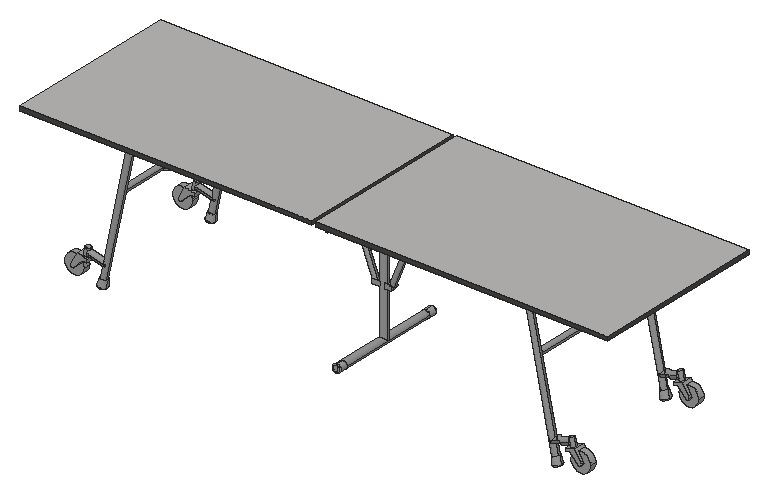
Revit family "23M Rect. 10 Long x 30 High WC", category Furniture, Revit 2016
Family settings
  OmniClass Number = 23.40.20.00
  OmniClass Title = General Furniture and Specialties
  Work Plane-Based = No
  Always vertical = Yes
  Cut with Voids When Loaded = No
  Shared = No
  Room Calculation Point = No
Parameters (values of type "23M15303610")
  Width = 3' - 0"
  Top [instance] = Palmer Hamilton Lt Gry
  Open [instance] = yes
  Model = "23M15303610"
  Length = 5' - 0"
  Frame [instance] = Palmer Hamilton - Frame
  Edge [instance] = Palmer Hamilton - Edge
  Closed [instance] = not(Open)  # no
Reference planes (in)
  plane 1 "Center Front/Back": y = 0
  plane 2: z = 0
  plane 3 "Center Left/Right": x = 0
Forms (in)
  Extrusion 1, solid, visible <- "Open"
    sketch origin (0, 0, 0) x (1, 0, 0) y (0, 1, 0)
      loop
        line (-60, 18) -> (-60, -18) -> (-0.375, -18) -> (-0.375, 18) -> (-60, 18)
    from 29.47242 to 30.28742
  Extrusion 2, solid, material "Palmer Hamilton - Frame" <- "Frame", visible <- "Open"
    sketch origin (0, 0, 0) x (1, 0, 0) y (0, 1, 0)
      loop
        line (-1, 14.5647) -> (-46, 14.5647) -> (-46, 14.4397) -> (-1, 14.4397) -> (-1, 14.5647)
      loop
        line (-1, -14.5647) -> (-1, -14.4397) -> (-46, -14.4397) -> (-46, -14.5647) -> (-1, -14.5647)
      loop
        line (-1, -2.9406) -> (-1, -2.8156) -> (-11.25, -2.8156) -> (-11.25, -2.9406) -> (-1, -2.9406)
      loop
        line (-11.25, 2.6994) -> (-11.25, 2.5744) -> (-1, 2.5744) -> (-1, 2.6994) -> (-11.25, 2.6994)
    from 27.72242 to 29.47242
  Extrusion 3, solid, material "Palmer Hamilton - Frame" <- "Frame", visible <- "Open"
    sketch origin (0, 0, 3.05459) x (1, 0, 0) y (0, 0, 1)
      loop
        line (-1, 25.71687) -> (-1, 26.41783) -> (-2.2141, 26.41783) -> (-2.2141, 24.66783) -> (-1.68301, 24.66783) -> (-0.3125, 23.87657)
        arc (-0.3125, 23.87657) -> (0.54127, 24.10533) -> (0.3125, 24.9591) r 0.625
        line (0.3125, 24.9591) -> (-1, 25.71687)
    from 14.5647 to 14.6547
  Extrusion 4, solid, material "Palmer Hamilton - Frame" <- "Frame", visible <- "Open"
    sketch origin (0, 0, 3.05459) x (1, 0, 0) y (0, 0, 1)
      loop
        line (-1, 25.71687) -> (-1, 26.41783) -> (-2.2141, 26.41783) -> (-2.2141, 24.66783) -> (-1.68301, 24.66783) -> (-0.3125, 23.87657)
        arc (-0.3125, 23.87657) -> (0.54127, 24.10533) -> (0.3125, 24.9591) r 0.625
        line (0.3125, 24.9591) -> (-1, 25.71687)
    from -14.4397 to -14.2345
  Extrusion 5, solid, material "Palmer Hamilton - Frame" <- "Frame", visible <- "Open"
    sketch origin (-9.0168, -1.84334, -4.2038) x (0.97817, 0, -0.207805) y (0, 1, 0)
      loop
        circle (-37.61218, -11.99504) r 0.625
    from -1.72176 to 25.54283
  Extrusion 6, solid, material "Palmer Hamilton - Frame" <- "Frame", visible <- "Open"
    sketch origin (-14.19545, -1.84334, -7.59113) x (0.96853, 0, -0.248899) y (0, 1, 0)
      loop
        circle (-37.61218, -11.99504) r 0.5
    from 3.24005 to 4.80312
  Extrusion 7, solid, material "Palmer Hamilton - Frame" <- "Frame", visible <- "Open"
    sketch origin (-6.74072, -1.84334, -8.39066) x (0, 1, 0) y (0.248899, 0, 0.96853)
      loop
        circle (-11.99504, 2.93123) r 0.625
    from -44.60154 to -40.85154
  Extrusion 8, solid, material "Palmer Hamilton - Steel", visible <- "Open"
    sketch origin (0, 0, 0) x (1, 0, 0) y (0, 0, 1)
      loop
        line (-52.03289, 3.19045) -> (-52.13109, 2.60323)
        arc (-52.13109, 2.60323) -> (-52.09644, 2.45601) -> (-51.96719, 2.37748) r 0.19565
        line (-51.96719, 2.37748) -> (-51.66391, 2.3319) -> (-49.7575, 4.11073) -> (-49.03037, 4.04579) -> (-48.86921, 4.64752) -> (-50.88816, 5.18826) -> (-52.03289, 3.19045)
    from 12.75797 to 14.81873
  Extrusion 9, solid, material "Palmer Hamilton - Caster", visible <- "Open"
    sketch origin (0, 0, 0) x (1, 0, 0) y (0, 0, 1)
      loop
        circle (-51.73769, 2.82768) r 2
    from 13.19373 to 14.44373
  Revolve 10, solid, material "Palmer Hamilton - Caster", visible <- "Open"
    sketch origin (-0.62394, -13.81873, 0.10396) x (1, 0, 0) y (0, 0, 1)
      loop
        line (-45.5482, 1.78014) -> (-46.23778, 1.92672) -> (-46.75081, 0.51718)
        arc (-46.75081, 0.51718) -> (-46.74816, 0.39542) -> (-46.66395, 0.30744) r 0.16803
        line (-46.66395, 0.30744) -> (-45.89593, 0.14419) -> (-45.5482, 1.78014)
      axis (-45.5482, 1.78014) -> (-45.89593, 0.14419)
    angle from 0 to 360
  Extrusion 11, solid, material "Palmer Hamilton - Frame" <- "Frame", visible <- "Open"
    sketch origin (-9.0168, 1.84334, -4.2038) x (0.97817, 0, -0.207805) y (0, 1, 0)
      loop
        circle (-37.61218, 11.99504) r 0.625
    from -1.75067 to 25.54283
  Extrusion 12, solid, material "Palmer Hamilton - Frame" <- "Frame", visible <- "Open"
    sketch origin (-14.19545, 1.84334, -7.59113) x (0.96853, 0, -0.248899) y (0, 1, 0)
      loop
        circle (-37.61218, 11.99504) r 0.5
    from 3.24005 to 4.80312
  Extrusion 13, solid, material "Palmer Hamilton - Frame" <- "Frame", visible <- "Open"
    sketch origin (-6.74072, 1.84334, -8.39066) x (0, -1, 0) y (-0.248899, 0, -0.96853)
      loop
        circle (-11.99504, -2.93123) r 0.625
    from -44.60154 to -40.56576
  Extrusion 14, solid, material "Palmer Hamilton - Steel", visible <- "Open"
    sketch origin (0, 0, 0) x (1, 0, 0) y (0, 0, -1)
      loop
        line (-52.03289, -3.19045) -> (-50.88816, -5.18826) -> (-48.86921, -4.64752) -> (-49.03037, -4.04579) -> (-49.7575, -4.11073) -> (-51.66391, -2.3319) -> (-51.96719, -2.37748)
        arc (-51.96719, -2.37748) -> (-52.09644, -2.45601) -> (-52.13109, -2.60323) r 0.19565
        line (-52.13109, -2.60323) -> (-52.03289, -3.19045)
    from 12.75797 to 14.81873
  Extrusion 15, solid, material "Palmer Hamilton - Caster", visible <- "Open"
    sketch origin (0, 0, 0) x (1, 0, 0) y (0, 0, -1)
      loop
        circle (-51.73769, -2.82768) r 2
    from 13.19373 to 14.44373
  Revolve 16, solid, material "Palmer Hamilton - Caster", visible <- "Open"
    sketch origin (-0.62394, 13.81873, 0.10396) x (1, 0, 0) y (0, 0, -1)
      loop
        line (-45.5482, -1.78014) -> (-45.89593, -0.14419) -> (-46.66395, -0.30744)
        arc (-46.66395, -0.30744) -> (-46.74816, -0.39542) -> (-46.75081, -0.51718) r 0.16803
        line (-46.75081, -0.51718) -> (-46.23778, -1.92672) -> (-45.5482, -1.78014)
      axis (-45.5482, -1.78014) -> (-45.89593, -0.14419)
    angle from 0 to 360
  Extrusion 17, solid, material "Palmer Hamilton - Frame" <- "Frame", visible <- "Open"
    sketch origin (0, 0, 3.05459) x (1, 0, 0) y (0, 0, 1)
      loop
        circle (-42.48052, 16.22033) r 0.625
    from -13.80887 to 13.79175
  Extrusion 18, solid, material "Palmer Hamilton - Frame" <- "Frame", visible <- "Open"
    sketch origin (0, 0, -0.05827) x (1, 0, 0) y (0, 0, 1)
      loop
        circle (0, 0.81533) r 0.75
    from -10.64625 to 10.58375
  Revolve 19, solid, material "Palmer Hamilton - Caster", visible <- "Open"
    sketch origin (0, 0, 0) x (0, 1, 0) y (0, 0, 1)
      loop
        arc (-12.1243, 1.60492) -> (-12.21555, 1.56995) -> (-12.25375, 1.48) r 0.125
        line (-12.25375, 1.48) -> (-12.25375, 0.77853) -> (-10.58375, 0.77853) -> (-10.58375, 1.55) -> (-12.1243, 1.60492)
      axis (-10.58375, 0.77853) -> (-12.25375, 0.77853)
    angle from 0 to 360
  Revolve 20, solid, material "Palmer Hamilton - Caster", visible <- "Open"
    sketch origin (0, 0, 0) x (0, -1, 0) y (0, 0, 1)
      loop
        arc (-12.1243, 1.60492) -> (-12.21555, 1.56995) -> (-12.25375, 1.48) r 0.125
        line (-12.25375, 1.48) -> (-12.25375, 0.77853) -> (-10.58375, 0.77853) -> (-10.58375, 1.55) -> (-12.1243, 1.60492)
      axis (-10.58375, 0.77853) -> (-12.25375, 0.77853)
    angle from 0 to 360
  Extrusion 21, solid, material "Palmer Hamilton - Frame" <- "Frame", visible <- "Open"
    sketch origin (0, 0, 0) x (1, 0, 0) y (0, 1, 0)
      loop
        circle (0, 0) r 0.75
    from 0.78805 to 28.64932
  Extrusion 22, solid, material "Palmer Hamilton - Frame" <- "Frame", visible <- "Open"
    sketch origin (8.36945, 0, 7.77401) x (0.931065, 0, 0.364854) y (0, 1, 0)
      loop
        circle (-8.10904, 0) r 0.5
    from 6.40638 to 25.54283
  Extrusion 23, solid, material "Palmer Hamilton - Frame" <- "Frame", visible <- "Open"
    sketch origin (0, 0, 3.05459) x (1, 0, 0) y (0, 0, 1)
      loop
        arc (-1.632, 8.5165) -> (-2.132, 8.0165) -> (-1.632, 7.5165) r 0.5
        line (-1.632, 7.5165) -> (1.632, 7.5165)
        arc (1.632, 7.5165) -> (2.132, 8.0165) -> (1.632, 8.5165) r 0.5
        line (1.632, 8.5165) -> (-1.632, 8.5165)
    from -0.69625 to 0.63375
  Extrusion 24, solid, material "Palmer Hamilton - Frame" <- "Frame", visible <- "Open"
    sketch origin (0, 0, 3.05459) x (1, 0, 0) y (0, 0, 1)
      loop
        arc (-40.07379, 16.44822) -> (-39.75284, 17.07829) -> (-40.38291, 17.39924) r 0.5
        line (-40.38291, 17.39924) -> (-42.23788, 16.7963) -> (-41.9787, 15.82905) -> (-40.07379, 16.44822)
    from 2.89343 to 4.17468
  Sweep 25, solid, material "Palmer Hamilton - Frame" <- "Frame", visible <- "Open"
    path origin (0, -3.5, 3.05459) x (1, 0, 0) y (0, 0, 1)
      loop
        line (-40.62585, 16.75973) -> (-30.42494, 20.96849)
        arc (-30.42494, 20.96849) -> (-30.05317, 21.09411) -> (-29.66819, 21.17014) r 3
        line (-29.66819, 21.17014) -> (-1.24287, 24.87225)
    profile origin (-35.52539, -3.5, 21.9187) x (-0.3814, 0, 0.92441) y (0, -1, 0)
      loop
        circle (0.00202, 0) r 0.5
  Extrusion 26, solid, material "Palmer Hamilton - Frame" <- "Frame", visible <- "Open"
    sketch origin (0, 0, 0) x (-1, 0, 0) y (0, -1, 0)
      loop
        circle (0, 0) r 0.75
    from 0.78805 to 28.64932
  Extrusion 27, solid, visible <- "Closed"
    sketch origin (26.77056, 0, 62.5034) x (0.235142, 0, 0.971961) y (0, 1, 0)
      loop
        line (-60, 18) -> (-60, -18) -> (-0.375, -18) -> (-0.375, 18) -> (-60, 18)
    from 29.47242 to 30.28742
  Extrusion 28, solid, material "Palmer Hamilton - Frame" <- "Frame", visible <- "Closed"
    sketch origin (26.77056, 0, 62.5034) x (0.235142, 0, 0.971961) y (0, 1, 0)
      loop
        line (-1, 14.5647) -> (-46, 14.5647) -> (-46, 14.4397) -> (-1, 14.4397) -> (-1, 14.5647)
      loop
        line (-1, -14.5647) -> (-1, -14.4397) -> (-46, -14.4397) -> (-46, -14.5647) -> (-1, -14.5647)
      loop
        line (-1, -2.9406) -> (-1, -2.8156) -> (-11.25, -2.8156) -> (-11.25, -2.9406) -> (-1, -2.9406)
      loop
        line (-11.25, 2.6994) -> (-11.25, 2.5744) -> (-1, 2.5744) -> (-1, 2.6994) -> (-11.25, 2.6994)
    from 27.72242 to 29.47242
  Extrusion 29, solid, material "Palmer Hamilton - Frame" <- "Frame", visible <- "Closed"
    sketch origin (23.80162, 0, 63.22166) x (0.235142, 0, 0.971961) y (-0.971961, 0, 0.235142)
      loop
        line (-1, 25.71687) -> (-1, 26.41783) -> (-2.2141, 26.41783) -> (-2.2141, 24.66783) -> (-1.68301, 24.66783) -> (-0.3125, 23.87657)
        arc (-0.3125, 23.87657) -> (0.54127, 24.10533) -> (0.3125, 24.9591) r 0.625
        line (0.3125, 24.9591) -> (-1, 25.71687)
    from 14.5647 to 14.6547
  Extrusion 30, solid, material "Palmer Hamilton - Frame" <- "Frame", visible <- "Closed"
    sketch origin (23.80162, 0, 63.22166) x (0.235142, 0, 0.971961) y (-0.971961, 0, 0.235142)
      loop
        line (-1, 25.71687) -> (-1, 26.41783) -> (-2.2141, 26.41783) -> (-2.2141, 24.66783) -> (-1.68301, 24.66783) -> (-0.3125, 23.87657)
        arc (-0.3125, 23.87657) -> (0.54127, 24.10533) -> (0.3125, 24.9591) r 0.625
        line (0.3125, 24.9591) -> (-1, 25.71687)
    from -14.4397 to -14.2345
  Extrusion 31, solid, material "Palmer Hamilton - Frame" <- "Frame", visible <- "Closed"
    sketch origin (0, 0, 30.0051) x (1, 0, 0) y (0, 0, 1)
      loop
        circle (0, 0.81533) r 0.75
    from -10.64625 to 10.58375
  Revolve 32, solid, material "Palmer Hamilton - Caster", visible <- "Closed"
    sketch origin (0, 0, 30.06337) x (0, 1, 0) y (0, 0, 1)
      loop
        arc (-12.1243, 1.60492) -> (-12.21555, 1.56995) -> (-12.25375, 1.48) r 0.125
        line (-12.25375, 1.48) -> (-12.25375, 0.77853) -> (-10.58375, 0.77853) -> (-10.58375, 1.55) -> (-12.1243, 1.60492)
      axis (-10.58375, 0.77853) -> (-12.25375, 0.77853)
    angle from 0 to 360
  Revolve 33, solid, material "Palmer Hamilton - Caster", visible <- "Closed"
    sketch origin (0, 0, 30.06337) x (0, -1, 0) y (0, 0, 1)
      loop
        arc (-12.1243, 1.60492) -> (-12.21555, 1.56995) -> (-12.25375, 1.48) r 0.125
        line (-12.25375, 1.48) -> (-12.25375, 0.77853) -> (-10.58375, 0.77853) -> (-10.58375, 1.55) -> (-12.1243, 1.60492)
      axis (-10.58375, 0.77853) -> (-12.25375, 0.77853)
    angle from 0 to 360
  Extrusion 34, solid, material "Palmer Hamilton - Frame" <- "Frame", visible <- "Closed"
    sketch origin (7.05199, 0, 35.18837) x (0.995831, 0, 0.091213) y (0, 1, 0)
      loop
        circle (-8.10904, 0) r 0.5
    from 6.40638 to 25.54283
  Extrusion 35, solid, material "Palmer Hamilton - Frame" <- "Frame", visible <- "Closed"
    sketch origin (0, 0, 33.11796) x (1, 0, 0) y (0, 0, 1)
      loop
        arc (-1.632, 8.5165) -> (-2.132, 8.0165) -> (-1.632, 7.5165) r 0.5
        line (-1.632, 7.5165) -> (1.632, 7.5165)
        arc (1.632, 7.5165) -> (2.132, 8.0165) -> (1.632, 8.5165) r 0.5
        line (1.632, 8.5165) -> (-1.632, 8.5165)
    from -0.69625 to 0.63375
  Extrusion 36, solid, material "Palmer Hamilton - Frame" <- "Frame", visible <- "Closed"
    sketch origin (0, 0, 0) x (-1, 0, 0) y (0, -1, 0)
      loop
        circle (0, 0) r 0.75
    from 30.82262 to 69.33456
  Extrusion 37, solid, material "Palmer Hamilton - Frame" <- "Frame", visible <- "Closed"
    sketch origin (28.34351, -1.84334, 6.50074) x (0.998376, 0, 0.056961) y (0, 1, 0)
      loop
        circle (-37.61218, -11.99504) r 0.625
    from -1.72176 to 25.54283
  Extrusion 38, solid, material "Palmer Hamilton - Frame" <- "Frame", visible <- "Closed"
    sketch origin (24.23892, -1.84334, 1.86988) x (0.999891, 0, 0.014778) y (0, 1, 0)
      loop
        circle (-37.61218, -11.99504) r 0.5
    from 3.24005 to 4.80312
  Extrusion 39, solid, material "Palmer Hamilton - Frame" <- "Frame", visible <- "Closed"
    sketch origin (31.64127, -1.84334, 3.06051) x (0, 1, 0) y (-0.014778, 0, 0.999891)
      loop
        circle (-11.99504, 2.93123) r 0.625
    from -44.60154 to -40.85154
  Extrusion 40, solid, material "Palmer Hamilton - Steel", visible <- "Closed"
    sketch origin (35.93605, 0, 12.92942) x (0.964745, 0, 0.263185) y (-0.263185, 0, 0.964745)
      loop
        line (-52.03289, 3.19045) -> (-52.13109, 2.60323)
        arc (-52.13109, 2.60323) -> (-52.09644, 2.45601) -> (-51.96719, 2.37748) r 0.19565
        line (-51.96719, 2.37748) -> (-51.66391, 2.3319) -> (-49.7575, 4.11073) -> (-49.03037, 4.04579) -> (-48.86921, 4.64752) -> (-50.88816, 5.18826) -> (-52.03289, 3.19045)
    from 12.75797 to 14.81873
  Extrusion 41, solid, material "Palmer Hamilton - Caster", visible <- "Closed"
    sketch origin (35.93605, 0, 12.92942) x (0.964745, 0, 0.263185) y (-0.263185, 0, 0.964745)
      loop
        circle (-51.73769, 2.82768) r 2
    from 13.19373 to 14.44373
  Revolve 42, solid, material "Palmer Hamilton - Caster", visible <- "Closed"
    sketch origin (35.30675, -13.81873, 12.8655) x (0.964745, 0, 0.263185) y (-0.263185, 0, 0.964745)
      loop
        line (-45.5482, 1.78014) -> (-46.23778, 1.92672) -> (-46.75081, 0.51718)
        arc (-46.75081, 0.51718) -> (-46.74816, 0.39542) -> (-46.66395, 0.30744) r 0.16803
        line (-46.66395, 0.30744) -> (-45.89593, 0.14419) -> (-45.5482, 1.78014)
      axis (-45.5482, 1.78014) -> (-45.89593, 0.14419)
    angle from 0 to 360
  Extrusion 43, solid, material "Palmer Hamilton - Frame" <- "Frame", visible <- "Closed"
    sketch origin (28.34351, 1.84334, 6.50074) x (0.998376, 0, 0.056961) y (0, 1, 0)
      loop
        circle (-37.61218, 11.99504) r 0.625
    from -1.75067 to 25.54283
  Extrusion 44, solid, material "Palmer Hamilton - Frame" <- "Frame", visible <- "Closed"
    sketch origin (24.23892, 1.84334, 1.86988) x (0.999891, 0, 0.014778) y (0, 1, 0)
      loop
        circle (-37.61218, 11.99504) r 0.5
    from 3.24005 to 4.80312
  Extrusion 45, solid, material "Palmer Hamilton - Frame" <- "Frame", visible <- "Closed"
    sketch origin (31.64127, 1.84334, 3.06051) x (0, -1, 0) y (0.014778, 0, -0.999891)
      loop
        circle (-11.99504, -2.93123) r 0.625
    from -44.60154 to -40.56576
  Extrusion 46, solid, material "Palmer Hamilton - Steel", visible <- "Closed"
    sketch origin (35.93605, 0, 12.92942) x (0.964745, 0, 0.263185) y (0.263185, 0, -0.964745)
      loop
        line (-52.03289, -3.19045) -> (-50.88816, -5.18826) -> (-48.86921, -4.64752) -> (-49.03037, -4.04579) -> (-49.7575, -4.11073) -> (-51.66391, -2.3319) -> (-51.96719, -2.37748)
        arc (-51.96719, -2.37748) -> (-52.09644, -2.45601) -> (-52.13109, -2.60323) r 0.19565
        line (-52.13109, -2.60323) -> (-52.03289, -3.19045)
    from 12.75797 to 14.81873
  Extrusion 47, solid, material "Palmer Hamilton - Caster", visible <- "Closed"
    sketch origin (35.93605, 0, 12.92942) x (0.964745, 0, 0.263185) y (0.263185, 0, -0.964745)
      loop
        circle (-51.73769, -2.82768) r 2
    from 13.19373 to 14.44373
  Revolve 48, solid, material "Palmer Hamilton - Caster", visible <- "Closed"
    sketch origin (35.30675, 13.81873, 12.8655) x (0.964745, 0, 0.263185) y (0.263185, 0, -0.964745)
      loop
        line (-45.5482, -1.78014) -> (-45.89593, -0.14419) -> (-46.66395, -0.30744)
        arc (-46.66395, -0.30744) -> (-46.74816, -0.39542) -> (-46.75081, -0.51718) r 0.16803
        line (-46.75081, -0.51718) -> (-46.23778, -1.92672) -> (-45.5482, -1.78014)
      axis (-45.5482, -1.78014) -> (-45.89593, -0.14419)
    angle from 0 to 360
  Extrusion 49, solid, material "Palmer Hamilton - Frame" <- "Frame", visible <- "Closed"
    sketch origin (35.13213, 0, 15.87632) x (0.964745, 0, 0.263185) y (-0.263185, 0, 0.964745)
      loop
        circle (-42.48052, 16.22033) r 0.625
    from -13.80887 to 13.79175
  Extrusion 50, solid, material "Palmer Hamilton - Frame" <- "Frame", visible <- "Closed"
    sketch origin (35.13213, 0, 15.87632) x (0.964745, 0, 0.263185) y (-0.263185, 0, 0.964745)
      loop
        arc (-40.07379, 16.44822) -> (-39.75284, 17.07829) -> (-40.38291, 17.39924) r 0.5
        line (-40.38291, 17.39924) -> (-42.23788, 16.7963) -> (-41.9787, 15.82905) -> (-40.07379, 16.44822)
    from 2.89343 to 4.17468
  Extrusion 51, solid, visible <- "Open"
    sketch origin (0, 0, 0) x (-1, 0, 0) y (0, -1, 0)
      loop
        line (-60, 18) -> (-60, -18) -> (-0.375, -18) -> (-0.375, 18) -> (-60, 18)
    from 29.47242 to 30.28742
  Extrusion 52, solid, material "Palmer Hamilton - Frame" <- "Frame", visible <- "Open"
    sketch origin (0, 0, 0) x (-1, 0, 0) y (0, -1, 0)
      loop
        line (-1, 14.5647) -> (-46, 14.5647) -> (-46, 14.4397) -> (-1, 14.4397) -> (-1, 14.5647)
      loop
        line (-1, -14.5647) -> (-1, -14.4397) -> (-46, -14.4397) -> (-46, -14.5647) -> (-1, -14.5647)
      loop
        line (-1, -2.9406) -> (-1, -2.8156) -> (-11.25, -2.8156) -> (-11.25, -2.9406) -> (-1, -2.9406)
      loop
        line (-11.25, 2.6994) -> (-11.25, 2.5744) -> (-1, 2.5744) -> (-1, 2.6994) -> (-11.25, 2.6994)
    from 27.72242 to 29.47242
  Extrusion 53, solid, material "Palmer Hamilton - Frame" <- "Frame", visible <- "Open"
    sketch origin (0, 0, 3.05459) x (-1, 0, 0) y (0, 0, 1)
      loop
        line (-1, 25.71687) -> (-1, 26.41783) -> (-2.2141, 26.41783) -> (-2.2141, 24.66783) -> (-1.68301, 24.66783) -> (-0.3125, 23.87657)
        arc (-0.3125, 23.87657) -> (0.54127, 24.10533) -> (0.3125, 24.9591) r 0.625
        line (0.3125, 24.9591) -> (-1, 25.71687)
    from 14.5647 to 14.6547
  Extrusion 54, solid, material "Palmer Hamilton - Frame" <- "Frame", visible <- "Open"
    sketch origin (0, 0, 3.05459) x (-1, 0, 0) y (0, 0, 1)
      loop
        line (-1, 25.71687) -> (-1, 26.41783) -> (-2.2141, 26.41783) -> (-2.2141, 24.66783) -> (-1.68301, 24.66783) -> (-0.3125, 23.87657)
        arc (-0.3125, 23.87657) -> (0.54127, 24.10533) -> (0.3125, 24.9591) r 0.625
        line (0.3125, 24.9591) -> (-1, 25.71687)
    from -14.4397 to -14.2345
  Extrusion 55, solid, material "Palmer Hamilton - Frame" <- "Frame", visible <- "Open"
    sketch origin (9.0168, 1.84334, -4.2038) x (-0.97817, 0, -0.207805) y (0, -1, 0)
      loop
        circle (-37.61218, -11.99504) r 0.625
    from -1.72176 to 25.54283
  Extrusion 56, solid, material "Palmer Hamilton - Frame" <- "Frame", visible <- "Open"
    sketch origin (14.19545, 1.84334, -7.59113) x (-0.96853, 0, -0.248899) y (0, -1, 0)
      loop
        circle (-37.61218, -11.99504) r 0.5
    from 3.24005 to 4.80312
  Extrusion 57, solid, material "Palmer Hamilton - Frame" <- "Frame", visible <- "Open"
    sketch origin (6.74072, 1.84334, -8.39066) x (0, -1, 0) y (-0.248899, 0, 0.96853)
      loop
        circle (-11.99504, 2.93123) r 0.625
    from -44.60154 to -40.85154
  Extrusion 58, solid, material "Palmer Hamilton - Steel", visible <- "Open"
    sketch origin (0, 0, 0) x (-1, 0, 0) y (0, 0, 1)
      loop
        line (-52.03289, 3.19045) -> (-52.13109, 2.60323)
        arc (-52.13109, 2.60323) -> (-52.09644, 2.45601) -> (-51.96719, 2.37748) r 0.19565
        line (-51.96719, 2.37748) -> (-51.66391, 2.3319) -> (-49.7575, 4.11073) -> (-49.03037, 4.04579) -> (-48.86921, 4.64752) -> (-50.88816, 5.18826) -> (-52.03289, 3.19045)
    from 12.75797 to 14.81873
  Extrusion 59, solid, material "Palmer Hamilton - Caster", visible <- "Open"
    sketch origin (0, 0, 0) x (-1, 0, 0) y (0, 0, 1)
      loop
        circle (-51.73769, 2.82768) r 2
    from 13.19373 to 14.44373
  Revolve 60, solid, material "Palmer Hamilton - Caster", visible <- "Open"
    sketch origin (0.62394, 13.81873, 0.10396) x (-1, 0, 0) y (0, 0, 1)
      loop
        line (-45.5482, 1.78014) -> (-46.23778, 1.92672) -> (-46.75081, 0.51718)
        arc (-46.75081, 0.51718) -> (-46.74816, 0.39542) -> (-46.66395, 0.30744) r 0.16803
        line (-46.66395, 0.30744) -> (-45.89593, 0.14419) -> (-45.5482, 1.78014)
      axis (-45.5482, 1.78014) -> (-45.89593, 0.14419)
    angle from 0 to 360
  Extrusion 61, solid, material "Palmer Hamilton - Frame" <- "Frame", visible <- "Open"
    sketch origin (9.0168, -1.84334, -4.2038) x (-0.97817, 0, -0.207805) y (0, -1, 0)
      loop
        circle (-37.61218, 11.99504) r 0.625
    from -1.75067 to 25.54283
  Extrusion 62, solid, material "Palmer Hamilton - Frame" <- "Frame", visible <- "Open"
    sketch origin (14.19545, -1.84334, -7.59113) x (-0.96853, 0, -0.248899) y (0, -1, 0)
      loop
        circle (-37.61218, 11.99504) r 0.5
    from 3.24005 to 4.80312
  Extrusion 63, solid, material "Palmer Hamilton - Frame" <- "Frame", visible <- "Open"
    sketch origin (6.74072, -1.84334, -8.39066) x (0, 1, 0) y (0.248899, 0, -0.96853)
      loop
        circle (-11.99504, -2.93123) r 0.625
    from -44.60154 to -40.56576
  Extrusion 64, solid, material "Palmer Hamilton - Steel", visible <- "Open"
    sketch origin (0, 0, 0) x (-1, 0, 0) y (0, 0, -1)
      loop
        line (-52.03289, -3.19045) -> (-50.88816, -5.18826) -> (-48.86921, -4.64752) -> (-49.03037, -4.04579) -> (-49.7575, -4.11073) -> (-51.66391, -2.3319) -> (-51.96719, -2.37748)
        arc (-51.96719, -2.37748) -> (-52.09644, -2.45601) -> (-52.13109, -2.60323) r 0.19565
        line (-52.13109, -2.60323) -> (-52.03289, -3.19045)
    from 12.75797 to 14.81873
  Extrusion 65, solid, material "Palmer Hamilton - Caster", visible <- "Open"
    sketch origin (0, 0, 0) x (-1, 0, 0) y (0, 0, -1)
      loop
        circle (-51.73769, -2.82768) r 2
    from 13.19373 to 14.44373
  Revolve 66, solid, material "Palmer Hamilton - Caster", visible <- "Open"
    sketch origin (0.62394, -13.81873, 0.10396) x (-1, 0, 0) y (0, 0, -1)
      loop
        line (-45.5482, -1.78014) -> (-45.89593, -0.14419) -> (-46.66395, -0.30744)
        arc (-46.66395, -0.30744) -> (-46.74816, -0.39542) -> (-46.75081, -0.51718) r 0.16803
        line (-46.75081, -0.51718) -> (-46.23778, -1.92672) -> (-45.5482, -1.78014)
      axis (-45.5482, -1.78014) -> (-45.89593, -0.14419)
    angle from 0 to 360
  Extrusion 67, solid, material "Palmer Hamilton - Frame" <- "Frame", visible <- "Open"
    sketch origin (0, 0, 3.05459) x (-1, 0, 0) y (0, 0, 1)
      loop
        circle (-42.48052, 16.22033) r 0.625
    from -13.80887 to 13.79175
  Extrusion 68, solid, material "Palmer Hamilton - Frame" <- "Frame", visible <- "Open"
    sketch origin (-8.36945, 0, 7.77401) x (-0.931065, 0, 0.364854) y (0, -1, 0)
      loop
        circle (-8.10904, 0) r 0.5
    from 6.40638 to 25.54283
  Extrusion 69, solid, material "Palmer Hamilton - Frame" <- "Frame", visible <- "Open"
    sketch origin (0, 0, 3.05459) x (-1, 0, 0) y (0, 0, 1)
      loop
        arc (-40.07379, 16.44822) -> (-39.75284, 17.07829) -> (-40.38291, 17.39924) r 0.5
        line (-40.38291, 17.39924) -> (-42.23788, 16.7963) -> (-41.9787, 15.82905) -> (-40.07379, 16.44822)
    from 2.89343 to 4.17468
  Sweep 70, solid, material "Palmer Hamilton - Frame" <- "Frame", visible <- "Open"
    path origin (0, 3.5, 3.05459) x (-1, 0, 0) y (0, 0, 1)
      loop
        line (-40.62585, 16.75973) -> (-30.42494, 20.96849)
        arc (-30.42494, 20.96849) -> (-30.05317, 21.09411) -> (-29.66819, 21.17014) r 3
        line (-29.66819, 21.17014) -> (-1.24287, 24.87225)
    profile origin (35.52539, 3.5, 21.9187) x (0.3814, 0, 0.92441) y (0, 1, 0)
      loop
        circle (0.00202, 0) r 0.5
  Extrusion 71, solid, visible <- "Closed"
    sketch origin (-26.77056, 0, 62.5034) x (-0.235142, 0, 0.971961) y (0, -1, 0)
      loop
        line (-59.875, 18) -> (-59.875, -18) -> (-0.25, -18) -> (-0.25, 18) -> (-59.875, 18)
    from 29.47242 to 30.28742
  Extrusion 72, solid, material "Palmer Hamilton - Frame" <- "Frame", visible <- "Closed"
    sketch origin (-26.77056, 0, 62.5034) x (-0.235142, 0, 0.971961) y (0, -1, 0)
      loop
        line (-1, 14.5647) -> (-46, 14.5647) -> (-46, 14.4397) -> (-1, 14.4397) -> (-1, 14.5647)
      loop
        line (-1, -14.5647) -> (-1, -14.4397) -> (-46, -14.4397) -> (-46, -14.5647) -> (-1, -14.5647)
      loop
        line (-1, -2.9406) -> (-1, -2.8156) -> (-11.25, -2.8156) -> (-11.25, -2.9406) -> (-1, -2.9406)
      loop
        line (-11.25, 2.6994) -> (-11.25, 2.5744) -> (-1, 2.5744) -> (-1, 2.6994) -> (-11.25, 2.6994)
    from 27.72242 to 29.47242
  Extrusion 73, solid, material "Palmer Hamilton - Frame" <- "Frame", visible <- "Closed"
    sketch origin (-23.80162, 0, 63.22166) x (-0.235142, 0, 0.971961) y (0.971961, 0, 0.235142)
      loop
        line (-1, 25.71687) -> (-1, 26.41783) -> (-2.2141, 26.41783) -> (-2.2141, 24.66783) -> (-1.68301, 24.66783) -> (-0.3125, 23.87657)
        arc (-0.3125, 23.87657) -> (0.54127, 24.10533) -> (0.3125, 24.9591) r 0.625
        line (0.3125, 24.9591) -> (-1, 25.71687)
    from 14.5647 to 14.6547
  Extrusion 74, solid, material "Palmer Hamilton - Frame" <- "Frame", visible <- "Closed"
    sketch origin (-23.80162, 0, 63.22166) x (-0.235142, 0, 0.971961) y (0.971961, 0, 0.235142)
      loop
        line (-1, 25.71687) -> (-1, 26.41783) -> (-2.2141, 26.41783) -> (-2.2141, 24.66783) -> (-1.68301, 24.66783) -> (-0.3125, 23.87657)
        arc (-0.3125, 23.87657) -> (0.54127, 24.10533) -> (0.3125, 24.9591) r 0.625
        line (0.3125, 24.9591) -> (-1, 25.71687)
    from -14.4397 to -14.2345
  Extrusion 75, solid, material "Palmer Hamilton - Frame" <- "Frame", visible <- "Closed"
    sketch origin (-7.05199, 0, 35.18837) x (-0.995831, 0, 0.091213) y (0, -1, 0)
      loop
        circle (-8.10904, 0) r 0.5
    from 6.40638 to 25.54283
  Extrusion 76, solid, material "Palmer Hamilton - Frame" <- "Frame", visible <- "Closed"
    sketch origin (-28.34351, 1.84334, 6.50074) x (-0.998376, 0, 0.056961) y (0, -1, 0)
      loop
        circle (-37.61218, -11.99504) r 0.625
    from -1.72176 to 25.54283
  Extrusion 77, solid, material "Palmer Hamilton - Frame" <- "Frame", visible <- "Closed"
    sketch origin (-24.23892, 1.84334, 1.86988) x (-0.999891, 0, 0.014778) y (0, -1, 0)
      loop
        circle (-37.61218, -11.99504) r 0.5
    from 3.24005 to 4.80312
  Extrusion 78, solid, material "Palmer Hamilton - Frame" <- "Frame", visible <- "Closed"
    sketch origin (-31.64127, 1.84334, 3.06051) x (0, -1, 0) y (0.014778, 0, 0.999891)
      loop
        circle (-11.99504, 2.93123) r 0.625
    from -44.60154 to -40.85154
  Extrusion 79, solid, material "Palmer Hamilton - Steel", visible <- "Closed"
    sketch origin (-35.93605, 0, 12.92942) x (-0.964745, 0, 0.263185) y (0.263185, 0, 0.964745)
      loop
        line (-52.03289, 3.19045) -> (-52.13109, 2.60323)
        arc (-52.13109, 2.60323) -> (-52.09644, 2.45601) -> (-51.96719, 2.37748) r 0.19565
        line (-51.96719, 2.37748) -> (-51.66391, 2.3319) -> (-49.7575, 4.11073) -> (-49.03037, 4.04579) -> (-48.86921, 4.64752) -> (-50.88816, 5.18826) -> (-52.03289, 3.19045)
    from 12.75797 to 14.81873
  Extrusion 80, solid, material "Palmer Hamilton - Caster", visible <- "Closed"
    sketch origin (-35.93605, 0, 12.92942) x (-0.964745, 0, 0.263185) y (0.263185, 0, 0.964745)
      loop
        circle (-51.73769, 2.82768) r 2
    from 13.19373 to 14.44373
  Revolve 81, solid, material "Palmer Hamilton - Caster", visible <- "Closed"
    sketch origin (-35.30675, 13.81873, 12.8655) x (-0.964745, 0, 0.263185) y (0.263185, 0, 0.964745)
      loop
        line (-45.5482, 1.78014) -> (-46.23778, 1.92672) -> (-46.75081, 0.51718)
        arc (-46.75081, 0.51718) -> (-46.74816, 0.39542) -> (-46.66395, 0.30744) r 0.16803
        line (-46.66395, 0.30744) -> (-45.89593, 0.14419) -> (-45.5482, 1.78014)
      axis (-45.5482, 1.78014) -> (-45.89593, 0.14419)
    angle from 0 to 360
  Extrusion 82, solid, material "Palmer Hamilton - Frame" <- "Frame", visible <- "Closed"
    sketch origin (-28.34351, -1.84334, 6.50074) x (-0.998376, 0, 0.056961) y (0, -1, 0)
      loop
        circle (-37.61218, 11.99504) r 0.625
    from -1.75067 to 25.54283
  Extrusion 83, solid, material "Palmer Hamilton - Frame" <- "Frame", visible <- "Closed"
    sketch origin (-24.23892, -1.84334, 1.86988) x (-0.999891, 0, 0.014778) y (0, -1, 0)
      loop
        circle (-37.61218, 11.99504) r 0.5
    from 3.24005 to 4.80312
  Extrusion 84, solid, material "Palmer Hamilton - Frame" <- "Frame", visible <- "Closed"
    sketch origin (-31.64127, -1.84334, 3.06051) x (0, 1, 0) y (-0.014778, 0, -0.999891)
      loop
        circle (-11.99504, -2.93123) r 0.625
    from -44.60154 to -40.56576
  Extrusion 85, solid, material "Palmer Hamilton - Steel", visible <- "Closed"
    sketch origin (-35.93605, 0, 12.92942) x (-0.964745, 0, 0.263185) y (-0.263185, 0, -0.964745)
      loop
        line (-52.03289, -3.19045) -> (-50.88816, -5.18826) -> (-48.86921, -4.64752) -> (-49.03037, -4.04579) -> (-49.7575, -4.11073) -> (-51.66391, -2.3319) -> (-51.96719, -2.37748)
        arc (-51.96719, -2.37748) -> (-52.09644, -2.45601) -> (-52.13109, -2.60323) r 0.19565
        line (-52.13109, -2.60323) -> (-52.03289, -3.19045)
    from 12.75797 to 14.81873
  Extrusion 86, solid, material "Palmer Hamilton - Caster", visible <- "Closed"
    sketch origin (-35.93605, 0, 12.92942) x (-0.964745, 0, 0.263185) y (-0.263185, 0, -0.964745)
      loop
        circle (-51.73769, -2.82768) r 2
    from 13.19373 to 14.44373
  Revolve 87, solid, material "Palmer Hamilton - Caster", visible <- "Closed"
    sketch origin (-35.30675, -13.81873, 12.8655) x (-0.964745, 0, 0.263185) y (-0.263185, 0, -0.964745)
      loop
        line (-45.5482, -1.78014) -> (-45.89593, -0.14419) -> (-46.66395, -0.30744)
        arc (-46.66395, -0.30744) -> (-46.74816, -0.39542) -> (-46.75081, -0.51718) r 0.16803
        line (-46.75081, -0.51718) -> (-46.23778, -1.92672) -> (-45.5482, -1.78014)
      axis (-45.5482, -1.78014) -> (-45.89593, -0.14419)
    angle from 0 to 360
  Extrusion 88, solid, material "Palmer Hamilton - Frame" <- "Frame", visible <- "Closed"
    sketch origin (-35.13213, 0, 15.87632) x (-0.964745, 0, 0.263185) y (0.263185, 0, 0.964745)
      loop
        circle (-42.48052, 16.22033) r 0.625
    from -13.80887 to 13.79175
  Extrusion 89, solid, material "Palmer Hamilton - Frame" <- "Frame", visible <- "Closed"
    sketch origin (-35.13213, 0, 15.87632) x (-0.964745, 0, 0.263185) y (0.263185, 0, 0.964745)
      loop
        arc (-40.07379, 16.44822) -> (-39.75284, 17.07829) -> (-40.38291, 17.39924) r 0.5
        line (-40.38291, 17.39924) -> (-42.23788, 16.7963) -> (-41.9787, 15.82905) -> (-40.07379, 16.44822)
    from 2.89343 to 4.17468
Dimensions and locks (in)
  "Width": Extrusion 1 sketch curve to Extrusion 1 sketch curve
  "Width": Extrusion 27 sketch curve to Extrusion 27 sketch curve
  "Width": Extrusion 51 sketch curve to Extrusion 51 sketch curve
  "Width": Extrusion 71 sketch curve to Extrusion 71 sketch curve
  equal spacing: Extrusion 51 sketch curve, plane 1 "Center Front/Back", Extrusion 51 sketch curve
  equal spacing: Extrusion 1 sketch curve, plane 1 "Center Front/Back", Extrusion 1 sketch curve
  equal spacing: Extrusion 27 sketch curve, plane 1 "Center Front/Back", Extrusion 27 sketch curve
  equal spacing: Extrusion 71 sketch curve, plane 1 "Center Front/Back", Extrusion 71 sketch curve
  aligned and locked: level to plane 2
Automatic sketch dimensions
  plane 1 "Center Front/Back" to Extrusion 2 sketch curve = 1' - 2.4397"
  Extrusion 2 sketch curve to plane 3 "Center Left/Right" = 3' - 10"
  Extrusion 2 sketch curve to Extrusion 2 sketch curve = 0' - 0"  (x2)
  plane 1 "Center Front/Back" to Extrusion 2 sketch curve = 0' - 2.8156"
  Extrusion 2 sketch curve to plane 3 "Center Left/Right" = 0' - 11 1/4"
  Extrusion 2 sketch curve to plane 1 "Center Front/Back" = 0' - 2.6994"
  Extrusion 2 sketch curve to plane 3 "Center Left/Right" = 0' - 1"  (x4)
  Extrusion 2 sketch curve to Extrusion 2 sketch curve = 0' - 0 1/8"  (x4)
  Extrusion 2 sketch curve to Extrusion 2 sketch curve = 0' - 11.7403"
  Extrusion 3 sketch curve to plane 3 "Center Left/Right" = 0' - 0"
  Extrusion 3 sketch curve to plane 3 "Center Left/Right" = 0' - 0 5/16"
  Extrusion 3 sketch curve to plane 3 "Center Left/Right" = 0' - 1"
  Extrusion 3 sketch curve to Extrusion 3 sketch curve = 0' - 0.68301"
  Extrusion 3 sketch curve to Extrusion 3 sketch curve = 0' - 1.2141"
  plane 3 "Center Left/Right" to Extrusion 3 sketch curve = 0' - 0 5/16"
  level to Extrusion 3 sketch curve = 2' - 2.93116"
  Extrusion 3 sketch curve to Extrusion 3 sketch curve = 0' - 0.54127"
  Extrusion 3 sketch curve to Extrusion 3 sketch curve = 0' - 0.79127"
  Extrusion 3 sketch curve to Extrusion 3 sketch curve = 0' - 1.04904"
  Extrusion 3 sketch curve to Extrusion 3 sketch curve = 0' - 0.70096"
  Extrusion 4 sketch curve to plane 3 "Center Left/Right" = 0' - 0"
  Extrusion 4 sketch curve to plane 3 "Center Left/Right" = 0' - 0 5/16"
  Extrusion 4 sketch curve to plane 3 "Center Left/Right" = 0' - 1"
  Extrusion 4 sketch curve to Extrusion 4 sketch curve = 0' - 0.68301"
  Extrusion 4 sketch curve to Extrusion 4 sketch curve = 0' - 1.2141"
  plane 3 "Center Left/Right" to Extrusion 4 sketch curve = 0' - 0 5/16"
  level to Extrusion 4 sketch curve = 2' - 2.93116"
  Extrusion 4 sketch curve to Extrusion 4 sketch curve = 0' - 0.54127"
  Extrusion 4 sketch curve to Extrusion 4 sketch curve = 0' - 0.79127"
  Extrusion 4 sketch curve to Extrusion 4 sketch curve = 0' - 1.04904"
  Extrusion 4 sketch curve to Extrusion 4 sketch curve = 0' - 0.70096"
  plane 1 "Center Front/Back" to Extrusion 5 sketch curve = 1' - 1.83838"
  plane 1 "Center Front/Back" to Extrusion 6 sketch curve = 1' - 1.83838"
  plane 1 "Center Front/Back" to Extrusion 7 sketch curve = 1' - 1.83838"
  level to Extrusion 8 sketch curve = 0' - 2.60323"
  Extrusion 8 sketch curve to plane 3 "Center Left/Right" = 4' - 4.13109"
  level to Extrusion 8 sketch curve = 0' - 3.19045"
  Extrusion 8 sketch curve to Extrusion 8 sketch curve = 0' - 0.0982"
  level to Extrusion 8 sketch curve = 0' - 2.37748"
  Extrusion 8 sketch curve to Extrusion 8 sketch curve = 0' - 0.1639"
  Extrusion 8 sketch curve to Extrusion 8 sketch curve = 0' - 0.19297"
  level to Extrusion 8 sketch curve = 0' - 2.3319"
  Extrusion 8 sketch curve to Extrusion 8 sketch curve = 0' - 0.30329"
  level to Extrusion 8 sketch curve = 0' - 5.18826"
  Extrusion 8 sketch curve to Extrusion 8 sketch curve = 0' - 1.14473"
  level to Extrusion 8 sketch curve = 0' - 4.11073"
  Extrusion 8 sketch curve to Extrusion 8 sketch curve = 0' - 1.13066"
  level to Extrusion 8 sketch curve = 0' - 4.04579"
  Extrusion 8 sketch curve to Extrusion 8 sketch curve = 0' - 0.72713"
  level to Extrusion 8 sketch curve = 0' - 4.64752"
  level to Extrusion 9 sketch curve = 0' - 2.82768"
  Extrusion 9 sketch curve to plane 3 "Center Left/Right" = 4' - 3.73769"
  level to Revolve 10 sketch curve = 0' - 0.62113"
  Revolve 10 sketch curve to plane 3 "Center Left/Right" = 3' - 11.37475"
  level to Revolve 10 sketch curve = 0' - 0.41139"
  Revolve 10 sketch curve to Revolve 10 sketch curve = 0' - 0.08686"
  Revolve 10 sketch curve to Revolve 10 sketch curve = 0' - 0.07104"
  level to Revolve 10 sketch curve = 0' - 2.03067"
  Revolve 10 sketch curve to Revolve 10 sketch curve = 0' - 0.51303"
  level to Revolve 10 sketch curve = 0' - 0.24814"  (x2)
  Revolve 10 sketch curve to Revolve 10 sketch curve = 0' - 0.69699"
  Revolve 10 sketch curve to Revolve 10 sketch curve = 0' - 0"  (x2)
  level to Revolve 10 sketch curve = 0' - 1.8841"
  Extrusion 11 sketch curve to plane 1 "Center Front/Back" = 1' - 1.83838"
  Extrusion 12 sketch curve to plane 1 "Center Front/Back" = 1' - 1.83838"
  Extrusion 13 sketch curve to plane 1 "Center Front/Back" = 1' - 1.83838"
  level to Extrusion 14 sketch curve = 0' - 2.60323"
  Extrusion 14 sketch curve to plane 3 "Center Left/Right" = 4' - 4.13109"
  level to Extrusion 14 sketch curve = 0' - 3.19045"
  Extrusion 14 sketch curve to Extrusion 14 sketch curve = 0' - 0.0982"
  level to Extrusion 14 sketch curve = 0' - 2.37748"
  Extrusion 14 sketch curve to Extrusion 14 sketch curve = 0' - 0.1639"
  Extrusion 14 sketch curve to Extrusion 14 sketch curve = 0' - 0.19297"
  level to Extrusion 14 sketch curve = 0' - 2.3319"
  Extrusion 14 sketch curve to Extrusion 14 sketch curve = 0' - 0.30329"
  level to Extrusion 14 sketch curve = 0' - 5.18826"
  Extrusion 14 sketch curve to Extrusion 14 sketch curve = 0' - 1.14473"
  level to Extrusion 14 sketch curve = 0' - 4.11073"
  Extrusion 14 sketch curve to Extrusion 14 sketch curve = 0' - 1.13066"
  level to Extrusion 14 sketch curve = 0' - 4.04579"
  Extrusion 14 sketch curve to Extrusion 14 sketch curve = 0' - 0.72713"
  level to Extrusion 14 sketch curve = 0' - 4.64752"
  level to Extrusion 15 sketch curve = 0' - 2.82768"
  Extrusion 15 sketch curve to plane 3 "Center Left/Right" = 4' - 3.73769"
  level to Revolve 16 sketch curve = 0' - 0.62113"
  Revolve 16 sketch curve to plane 3 "Center Left/Right" = 3' - 11.37475"
  level to Revolve 16 sketch curve = 0' - 0.41139"
  Revolve 16 sketch curve to Revolve 16 sketch curve = 0' - 0.08686"
  Revolve 16 sketch curve to Revolve 16 sketch curve = 0' - 0.15789"
  level to Revolve 16 sketch curve = 0' - 2.03067"
  Revolve 16 sketch curve to Revolve 16 sketch curve = 0' - 0.51303"
  level to Revolve 16 sketch curve = 0' - 0.24814"  (x2)
  Revolve 16 sketch curve to Revolve 16 sketch curve = 0' - 0.69699"
  Revolve 16 sketch curve to Revolve 16 sketch curve = 0' - 0"  (x2)
  level to Revolve 16 sketch curve = 0' - 1.8841"
  level to Extrusion 17 sketch curve = 1' - 7.27492"
  Extrusion 17 sketch curve to plane 3 "Center Left/Right" = 3' - 6.48052"
  Extrusion 18 sketch curve to plane 3 "Center Left/Right" = 0' - 0"
  level to Extrusion 18 sketch curve = 0' - 0.75706"
  level to Revolve 19 sketch curve = 0' - 0.77853"
  plane 1 "Center Front/Back" to Revolve 19 sketch curve = 1' - 0.25375"
  Revolve 19 sketch curve to Revolve 19 sketch curve = 0' - 0 1/8"
  level to Revolve 19 sketch curve = 0' - 1.60492"
  Revolve 19 sketch curve to Revolve 19 sketch curve = 0' - 0.00445"
  Revolve 19 sketch curve to Revolve 19 sketch curve = 0' - 1.67"
  Revolve 19 sketch curve to Revolve 19 sketch curve = 0' - 0.77147"
  Revolve 19 sketch curve to Revolve 19 sketch curve = 0' - 0"  (x3)
  Revolve 20 sketch curve to level = 0' - 0.77853"
  plane 1 "Center Front/Back" to Revolve 20 sketch curve = 1' - 0.25375"
  Revolve 20 sketch curve to Revolve 20 sketch curve = 0' - 0 1/8"
  Revolve 20 sketch curve to level = 0' - 1.60492"
  Revolve 20 sketch curve to Revolve 20 sketch curve = 0' - 0.00445"
  Revolve 20 sketch curve to Revolve 20 sketch curve = 0' - 1.67"
  Revolve 20 sketch curve to Revolve 20 sketch curve = 0' - 0.77147"
  Revolve 20 sketch curve to Revolve 20 sketch curve = 0' - 0"  (x3)
  plane 1 "Center Front/Back" to Extrusion 21 sketch curve = 0' - 0"
  Extrusion 21 sketch curve to plane 3 "Center Left/Right" = 0' - 0"
  plane 1 "Center Front/Back" to Extrusion 22 sketch curve = 0' - 0"
  Extrusion 23 sketch curve to plane 3 "Center Left/Right" = 0' - 1.632"
  plane 3 "Center Left/Right" to Extrusion 23 sketch curve = 0' - 1.632"
  level to Extrusion 23 sketch curve = 0' - 10.57109"
  Extrusion 23 sketch curve to Extrusion 23 sketch curve = 0' - 0 1/2"
  level to Extrusion 24 sketch curve = 1' - 7.85089"
  Extrusion 24 sketch curve to plane 3 "Center Left/Right" = 3' - 6.23788"
  level to Extrusion 24 sketch curve = 1' - 6.88364"
  Extrusion 24 sketch curve to Extrusion 24 sketch curve = 0' - 0.25918"
  Extrusion 24 sketch curve to Extrusion 24 sketch curve = 0' - 1.85497"
  Extrusion 24 sketch curve to Extrusion 24 sketch curve = 0' - 0.15456"  (x2)
  level to Extrusion 24 sketch curve = 1' - 7.50281"
  Extrusion 24 sketch curve to Extrusion 24 sketch curve = 0' - 0.47551"
  Sweep 25 sketch curve to plane 3 "Center Left/Right" = 2' - 6.42494"
  Sweep 25 sketch curve to Sweep 25 sketch curve = 0' - 0.75675"
  Sweep 25 sketch curve to Sweep 25 sketch curve = 0' - 1.1442"
  level to Sweep 25 sketch curve = 1' - 9.24985"
  Sweep 25 sketch curve to Sweep 25 sketch curve = 0' - 2.77323"
  level to Sweep 25 sketch curve = 1' - 7.81432"
  Sweep 25 sketch curve to Sweep 25 sketch curve = 0' - 10.2009"
  Sweep 25 sketch curve to plane 3 "Center Left/Right" = 0' - 1.24287"
  level to Sweep 25 sketch curve = 2' - 3.92684"
  profile plane to Sweep 25 sketch curve = 0' - 0"
  Sweep 25 sketch curve to profile plane = 0' - 0.00202"
  plane 1 "Center Front/Back" to Extrusion 26 sketch curve = 0' - 0"
  Extrusion 26 sketch curve to plane 3 "Center Left/Right" = 0' - 0"
  plane 1 "Center Front/Back" to Extrusion 28 sketch curve = 1' - 2.4397"
  Extrusion 28 sketch curve to Extrusion 28 sketch curve = 0' - 0"  (x4)
  plane 1 "Center Front/Back" to Extrusion 28 sketch curve = 0' - 2.8156"
  Extrusion 28 sketch curve to Extrusion 28 sketch curve = 2' - 10 3/4"
  Extrusion 28 sketch curve to plane 1 "Center Front/Back" = 0' - 2.6994"
  Extrusion 28 sketch curve to Extrusion 28 sketch curve = 0' - 10 1/4"  (x2)
  Extrusion 28 sketch curve to Extrusion 28 sketch curve = 0' - 0 1/8"  (x4)
  Extrusion 28 sketch curve to Extrusion 28 sketch curve = 0' - 11.7403"
  Extrusion 29 sketch curve to plane 3 "Center Left/Right" = 0' - 0.69518"
  level to Extrusion 29 sketch curve = 5' - 6.87009"
  Extrusion 29 sketch curve to Extrusion 29 sketch curve = 0' - 0.53109"
  Extrusion 29 sketch curve to Extrusion 29 sketch curve = 0' - 1.2141"
  Extrusion 29 sketch curve to Extrusion 29 sketch curve = 0' - 1.37051"
  Extrusion 29 sketch curve to Extrusion 29 sketch curve = 0' - 0 5/16"  (x2)
  Extrusion 29 sketch curve to Extrusion 29 sketch curve = 0' - 0 1/4"
  Extrusion 29 sketch curve to Extrusion 29 sketch curve = 0' - 0.54127"
  Extrusion 29 sketch curve to Extrusion 29 sketch curve = 0' - 1.04904"
  Extrusion 29 sketch curve to Extrusion 29 sketch curve = 0' - 0.70096"
  Extrusion 30 sketch curve to plane 3 "Center Left/Right" = 0' - 0.69518"
  level to Extrusion 30 sketch curve = 5' - 6.87009"
  Extrusion 30 sketch curve to Extrusion 30 sketch curve = 0' - 0.53109"
  Extrusion 30 sketch curve to Extrusion 30 sketch curve = 0' - 1.2141"
  Extrusion 30 sketch curve to Extrusion 30 sketch curve = 0' - 1.37051"
  Extrusion 30 sketch curve to Extrusion 30 sketch curve = 0' - 0 5/16"  (x2)
  Extrusion 30 sketch curve to Extrusion 30 sketch curve = 0' - 0 1/4"
  Extrusion 30 sketch curve to Extrusion 30 sketch curve = 0' - 0.54127"
  Extrusion 30 sketch curve to Extrusion 30 sketch curve = 0' - 1.04904"
  Extrusion 30 sketch curve to Extrusion 30 sketch curve = 0' - 0.70096"
  Extrusion 31 sketch curve to plane 3 "Center Left/Right" = 0' - 0"
  level to Extrusion 31 sketch curve = 2' - 6.82042"
  plane 1 "Center Front/Back" to Revolve 32 sketch curve = 1' - 0.25375"
  Revolve 32 sketch curve to Revolve 32 sketch curve = 0' - 0 1/8"
  Revolve 32 sketch curve to Revolve 32 sketch curve = 0' - 0.00445"
  Revolve 32 sketch curve to Revolve 32 sketch curve = 0' - 1.67"
  level to Revolve 32 sketch curve = 2' - 6.84189"
  Revolve 32 sketch curve to Revolve 32 sketch curve = 0' - 0.70147"
  Revolve 32 sketch curve to Revolve 32 sketch curve = 0' - 0.77147"
  Revolve 32 sketch curve to Revolve 32 sketch curve = 0' - 0"  (x3)
  plane 1 "Center Front/Back" to Revolve 33 sketch curve = 1' - 0.25375"
  Revolve 33 sketch curve to Revolve 33 sketch curve = 0' - 0 1/8"
  Revolve 33 sketch curve to Revolve 33 sketch curve = 0' - 0.00445"
  Revolve 33 sketch curve to Revolve 33 sketch curve = 0' - 1.67"
  Revolve 33 sketch curve to level = 2' - 6.84189"
  Revolve 33 sketch curve to Revolve 33 sketch curve = 0' - 0.70147"
  Revolve 33 sketch curve to Revolve 33 sketch curve = 0' - 0.77147"
  Revolve 33 sketch curve to Revolve 33 sketch curve = 0' - 0"  (x3)
  plane 1 "Center Front/Back" to Extrusion 34 sketch curve = 0' - 0"
  Extrusion 35 sketch curve to plane 3 "Center Left/Right" = 0' - 1.632"
  plane 3 "Center Left/Right" to Extrusion 35 sketch curve = 0' - 1.632"
  level to Extrusion 35 sketch curve = 3' - 4.63446"
  Extrusion 35 sketch curve to Extrusion 35 sketch curve = 0' - 0 1/2"
  plane 1 "Center Front/Back" to Extrusion 36 sketch curve = 0' - 0"
  Extrusion 36 sketch curve to plane 3 "Center Left/Right" = 0' - 0"
  plane 1 "Center Front/Back" to Extrusion 37 sketch curve = 1' - 1.83838"
  plane 1 "Center Front/Back" to Extrusion 38 sketch curve = 1' - 1.83838"
  plane 1 "Center Front/Back" to Extrusion 39 sketch curve = 1' - 1.83838"
  level to Extrusion 40 sketch curve = 0' - 1.72077"
  Extrusion 40 sketch curve to plane 3 "Center Left/Right" = 1' - 3.04231"
  Extrusion 40 sketch curve to Extrusion 40 sketch curve = 0' - 0.0982"
  Extrusion 40 sketch curve to Extrusion 40 sketch curve = 0' - 0.1639"
  Extrusion 40 sketch curve to Extrusion 40 sketch curve = 0' - 0.19297"
  Extrusion 40 sketch curve to Extrusion 40 sketch curve = 0' - 0.30329"
  Extrusion 40 sketch curve to Extrusion 40 sketch curve = 0' - 1.14473"
  Extrusion 40 sketch curve to Extrusion 40 sketch curve = 0' - 1.13066"
  Extrusion 40 sketch curve to Extrusion 40 sketch curve = 0' - 0.72713"
  Extrusion 40 sketch curve to Extrusion 40 sketch curve = 0' - 0.16116"
  Extrusion 40 sketch curve to Extrusion 40 sketch curve = 0' - 0.03227"
  Extrusion 40 sketch curve to Extrusion 40 sketch curve = 0' - 0.04557"
  Extrusion 40 sketch curve to Extrusion 40 sketch curve = 0' - 0.58722"
  Extrusion 40 sketch curve to Extrusion 40 sketch curve = 0' - 0.85534"
  Extrusion 40 sketch curve to Extrusion 40 sketch curve = 0' - 0.06493"
  Extrusion 40 sketch curve to Extrusion 40 sketch curve = 0' - 0.60173"
  level to Extrusion 41 sketch curve = 0' - 2.04084"
  Extrusion 41 sketch curve to plane 3 "Center Left/Right" = 1' - 2.72185"
  level to Revolve 42 sketch curve = 0' - 1.06035"
  Revolve 42 sketch curve to plane 3 "Center Left/Right" = 0' - 9.932"
  Revolve 42 sketch curve to Revolve 42 sketch curve = 0' - 0.08686"
  Revolve 42 sketch curve to Revolve 42 sketch curve = 0' - 0.15789"
  Revolve 42 sketch curve to Revolve 42 sketch curve = 0' - 0.51303"
  Revolve 42 sketch curve to Revolve 42 sketch curve = 0' - 0.69699"
  Revolve 42 sketch curve to Revolve 42 sketch curve = 0' - 0.68958"
  Revolve 42 sketch curve to Revolve 42 sketch curve = 0' - 0.05747"
  Revolve 42 sketch curve to Revolve 42 sketch curve = 0' - 0.31552"
  Revolve 42 sketch curve to Revolve 42 sketch curve = 0' - 0"  (x4)
  Extrusion 43 sketch curve to plane 1 "Center Front/Back" = 1' - 1.83838"
  Extrusion 44 sketch curve to plane 1 "Center Front/Back" = 1' - 1.83838"
  Extrusion 45 sketch curve to plane 1 "Center Front/Back" = 1' - 1.83838"
  level to Extrusion 46 sketch curve = 0' - 1.72077"
  Extrusion 46 sketch curve to plane 3 "Center Left/Right" = 1' - 3.04231"
  Extrusion 46 sketch curve to Extrusion 46 sketch curve = 0' - 0.0982"
  Extrusion 46 sketch curve to Extrusion 46 sketch curve = 0' - 0.1639"
  Extrusion 46 sketch curve to Extrusion 46 sketch curve = 0' - 0.19297"
  Extrusion 46 sketch curve to Extrusion 46 sketch curve = 0' - 0.30329"
  Extrusion 46 sketch curve to Extrusion 46 sketch curve = 0' - 1.14473"
  Extrusion 46 sketch curve to Extrusion 46 sketch curve = 0' - 1.13066"
  Extrusion 46 sketch curve to Extrusion 46 sketch curve = 0' - 0.72713"
  Extrusion 46 sketch curve to Extrusion 46 sketch curve = 0' - 0.16116"
  Extrusion 46 sketch curve to Extrusion 46 sketch curve = 0' - 0.58722"
  Extrusion 46 sketch curve to Extrusion 46 sketch curve = 0' - 0.85534"
  Extrusion 46 sketch curve to Extrusion 46 sketch curve = 0' - 0.06493"
  Extrusion 46 sketch curve to Extrusion 46 sketch curve = 0' - 0.60173"
  Extrusion 46 sketch curve to Extrusion 46 sketch curve = 0' - 0.03227"
  Extrusion 46 sketch curve to Extrusion 46 sketch curve = 0' - 0.04557"
  level to Extrusion 47 sketch curve = 0' - 2.04084"
  Extrusion 47 sketch curve to plane 3 "Center Left/Right" = 1' - 2.72185"
  level to Revolve 48 sketch curve = 0' - 1.06035"
  Revolve 48 sketch curve to plane 3 "Center Left/Right" = 0' - 9.932"
  Revolve 48 sketch curve to Revolve 48 sketch curve = 0' - 0.08686"
  Revolve 48 sketch curve to Revolve 48 sketch curve = 0' - 0.07104"
  Revolve 48 sketch curve to Revolve 48 sketch curve = 0' - 0.51303"
  Revolve 48 sketch curve to Revolve 48 sketch curve = 0' - 0.69699"
  Revolve 48 sketch curve to Revolve 48 sketch curve = 0' - 0.68958"
  Revolve 48 sketch curve to Revolve 48 sketch curve = 0' - 1.26296"
  Revolve 48 sketch curve to Revolve 48 sketch curve = 0' - 0.14658"
  Revolve 48 sketch curve to Revolve 48 sketch curve = 0' - 0"  (x4)
  Extrusion 49 sketch curve to plane 3 "Center Left/Right" = 0' - 10.1197"
  level to Extrusion 49 sketch curve = 1' - 8.34459"
  Extrusion 50 sketch curve to plane 3 "Center Left/Right" = 0' - 10.0372"
  level to Extrusion 50 sketch curve = 1' - 8.96412"
  Extrusion 50 sketch curve to Extrusion 50 sketch curve = 0' - 0.25918"
  Extrusion 50 sketch curve to Extrusion 50 sketch curve = 0' - 1.85497"
  Extrusion 50 sketch curve to Extrusion 50 sketch curve = 0' - 0.15456"  (x2)
  Extrusion 50 sketch curve to Extrusion 50 sketch curve = 0' - 0.34808"
  Extrusion 50 sketch curve to Extrusion 50 sketch curve = 0' - 0.96726"
  Extrusion 50 sketch curve to Extrusion 50 sketch curve = 0' - 0.47551"
  Extrusion 52 sketch curve to plane 1 "Center Front/Back" = 1' - 2.4397"
  plane 3 "Center Left/Right" to Extrusion 52 sketch curve = 3' - 10"
  Extrusion 52 sketch curve to Extrusion 52 sketch curve = 0' - 0"  (x2)
  Extrusion 52 sketch curve to plane 1 "Center Front/Back" = 0' - 2.8156"
  plane 3 "Center Left/Right" to Extrusion 52 sketch curve = 0' - 11 1/4"
  plane 1 "Center Front/Back" to Extrusion 52 sketch curve = 0' - 2.6994"
  plane 3 "Center Left/Right" to Extrusion 52 sketch curve = 0' - 1"  (x4)
  Extrusion 52 sketch curve to Extrusion 52 sketch curve = 0' - 0 1/8"  (x4)
  Extrusion 52 sketch curve to Extrusion 52 sketch curve = 0' - 11.7403"
  Extrusion 53 sketch curve to plane 3 "Center Left/Right" = 0' - 0"
  plane 3 "Center Left/Right" to Extrusion 53 sketch curve = 0' - 0 5/16"
  plane 3 "Center Left/Right" to Extrusion 53 sketch curve = 0' - 1"
  Extrusion 53 sketch curve to Extrusion 53 sketch curve = 0' - 0.68301"
  Extrusion 53 sketch curve to Extrusion 53 sketch curve = 0' - 1.2141"
  Extrusion 53 sketch curve to plane 3 "Center Left/Right" = 0' - 0 5/16"
  level to Extrusion 53 sketch curve = 2' - 2.93116"
  Extrusion 53 sketch curve to Extrusion 53 sketch curve = 0' - 0.54127"
  Extrusion 53 sketch curve to Extrusion 53 sketch curve = 0' - 0.79127"
  Extrusion 53 sketch curve to Extrusion 53 sketch curve = 0' - 1.04904"
  Extrusion 53 sketch curve to Extrusion 53 sketch curve = 0' - 0.70096"
  Extrusion 54 sketch curve to plane 3 "Center Left/Right" = 0' - 0"
  plane 3 "Center Left/Right" to Extrusion 54 sketch curve = 0' - 0 5/16"
  plane 3 "Center Left/Right" to Extrusion 54 sketch curve = 0' - 1"
  Extrusion 54 sketch curve to Extrusion 54 sketch curve = 0' - 0.68301"
  Extrusion 54 sketch curve to Extrusion 54 sketch curve = 0' - 1.2141"
  Extrusion 54 sketch curve to plane 3 "Center Left/Right" = 0' - 0 5/16"
  level to Extrusion 54 sketch curve = 2' - 2.93116"
  Extrusion 54 sketch curve to Extrusion 54 sketch curve = 0' - 0.54127"
  Extrusion 54 sketch curve to Extrusion 54 sketch curve = 0' - 0.79127"
  Extrusion 54 sketch curve to Extrusion 54 sketch curve = 0' - 1.04904"
  Extrusion 54 sketch curve to Extrusion 54 sketch curve = 0' - 0.70096"
  Extrusion 55 sketch curve to plane 1 "Center Front/Back" = 1' - 1.83838"
  Extrusion 56 sketch curve to plane 1 "Center Front/Back" = 1' - 1.83838"
  Extrusion 57 sketch curve to plane 1 "Center Front/Back" = 1' - 1.83838"
  level to Extrusion 58 sketch curve = 0' - 2.60323"
  plane 3 "Center Left/Right" to Extrusion 58 sketch curve = 4' - 4.13109"
  level to Extrusion 58 sketch curve = 0' - 3.19045"
  Extrusion 58 sketch curve to Extrusion 58 sketch curve = 0' - 0.0982"
  level to Extrusion 58 sketch curve = 0' - 2.37748"
  Extrusion 58 sketch curve to Extrusion 58 sketch curve = 0' - 0.1639"
  Extrusion 58 sketch curve to Extrusion 58 sketch curve = 0' - 0.19297"
  level to Extrusion 58 sketch curve = 0' - 2.3319"
  Extrusion 58 sketch curve to Extrusion 58 sketch curve = 0' - 0.30329"
  level to Extrusion 58 sketch curve = 0' - 5.18826"
  Extrusion 58 sketch curve to Extrusion 58 sketch curve = 0' - 1.14473"
  level to Extrusion 58 sketch curve = 0' - 4.11073"
  Extrusion 58 sketch curve to Extrusion 58 sketch curve = 0' - 1.13066"
  level to Extrusion 58 sketch curve = 0' - 4.04579"
  Extrusion 58 sketch curve to Extrusion 58 sketch curve = 0' - 0.72713"
  level to Extrusion 58 sketch curve = 0' - 4.64752"
  level to Extrusion 59 sketch curve = 0' - 2.82768"
  plane 3 "Center Left/Right" to Extrusion 59 sketch curve = 4' - 3.73769"
  level to Revolve 60 sketch curve = 0' - 0.62113"
  plane 3 "Center Left/Right" to Revolve 60 sketch curve = 3' - 11.37475"
  level to Revolve 60 sketch curve = 0' - 0.41139"
  Revolve 60 sketch curve to Revolve 60 sketch curve = 0' - 0.08686"
  Revolve 60 sketch curve to Revolve 60 sketch curve = 0' - 0.15789"
  level to Revolve 60 sketch curve = 0' - 2.03067"
  Revolve 60 sketch curve to Revolve 60 sketch curve = 0' - 0.51303"
